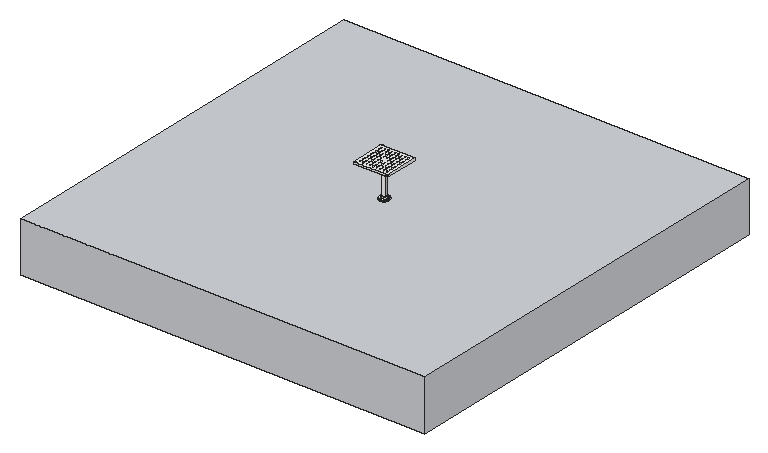
Revit family (continued)
Definition of nested family "13695_Base"
  Automatic sketch dimensions
    Masking region 4 sketch curve to plane 1 "Center (Top/Bottom)" = 0' - 0 13/32"
    Masking region 4 sketch curve to Masking region 4 sketch curve = 0' - 0.11009"
    Masking region 4 sketch curve to Masking region 4 sketch curve = 0' - 0.06743"
    Masking region 4 sketch curve to Masking region 4 sketch curve = 0' - 0.23029"
    Masking region 4 sketch curve to Masking region 4 sketch curve = 0' - 0.13962"
    Masking region 4 sketch curve to Masking region 4 sketch curve = 0' - 0.00313"
    Masking region 4 sketch curve to Masking region 4 sketch curve = 0' - 0.06728"
    Masking region 4 sketch curve to Masking region 4 sketch curve = 0' - 0.42288"
    Masking region 4 sketch curve to Masking region 4 sketch curve = 0' - 0.01012"
    Masking region 4 sketch curve to Masking region 4 sketch curve = 0' - 0.03369"
    Masking region 4 sketch curve to Masking region 4 sketch curve = 0' - 0.02992"
    Masking region 4 sketch curve to Masking region 4 sketch curve = 0' - 0.0422"
    Masking region 4 sketch curve to Masking region 4 sketch curve = 0' - 0.28874"  (x2)
    Masking region 4 sketch curve to Masking region 4 sketch curve = 0' - 0.01124"  (x2)
    plane 9 "Bottom" to Masking region 4 sketch curve = 0' - 2.8007"
    Masking region 4 sketch curve to Masking region 4 sketch curve = 0' - 0.02187"  (x2)
    Masking region 4 sketch curve to Masking region 4 sketch curve = 0' - 0.72803"  (x2)
    Masking region 4 sketch curve to Masking region 4 sketch curve = 0' - 0.47297"  (x2)
    plane 9 "Bottom" to Masking region 4 sketch curve = 0' - 0.52898"  (x2)
    plane 9 "Bottom" to Masking region 4 sketch curve = 0' - 0.08616"
    Masking region 4 sketch curve to Masking region 4 sketch curve = 0' - 0.00016"
    level to curve 192 = 0' - 0.13436"
    plane 1 "Center (Top/Bottom)" to curve 192 = 0' - 1.11908"
    level to curve 193 = 0' - 0.02805"
    curve 192 to curve 193 = 0' - 0.00227"
    curve 192 to curve 191 = 0' - 0.02387"
    plane 1 "Center (Top/Bottom)" to curve 174 = 0' - 0.7206"
    curve 174 to curve 194 = 0' - 0.03099"
    curve 191 to curve 190 = 0' - 0.44447"
    curve 190 to curve 189 = 0' - 0.03443"
    curve 189 to curve 188 = 0' - 0.00733"
    plane 1 "Center (Top/Bottom)" to curve 178 = 0' - 0.49552"
    plane 1 "Center (Top/Bottom)" to curve 179 = 0' - 0.49552"
    plane 1 "Center (Top/Bottom)" to curve 175 = 0' - 0.4459"
    curve 188 to curve 196 = 0' - 0.20206"
    curve 179 to curve 187 = 0' - 0.08925"
    curve 178 to curve 177 = 0' - 0.142"
    curve 177 to curve 176 = 0' - 0.01771"
    curve 176 to plane 1 "Center (Top/Bottom)" = 0' - 0.33586"
    curve 176 to curve 177 = 0' - 0.01771"
    curve 196 to plane 1 "Center (Top/Bottom)" = 0' - 0 13/32"
    curve 187 to plane 1 "Center (Top/Bottom)" = 0' - 0 13/32"
    curve 176 to curve 175 = 0' - 0.11009"
    curve 177 to curve 178 = 0' - 0.142"
    curve 187 to curve 179 = 0' - 0.0893"
    curve 196 to curve 188 = 0' - 0.20271"
    curve 188 to curve 189 = 0' - 0.00733"
    curve 189 to curve 190 = 0' - 0.03443"
    curve 175 to curve 194 = 0' - 0.24367"
    curve 194 to curve 174 = 0' - 0.03104"
    level to curve 191 = 0' - 0.16384"
    curve 190 to curve 191 = 0' - 0.44447"
    curve 191 to curve 193 = 0' - 0.0216"
    curve 191 to curve 192 = 0' - 0.02387"
    level to curve 190 = 0' - 0.29873"
    curve 190 to curve 189 = 0' - 0.0422"
    curve 189 to curve 188 = 0' - 0.29999"
    curve 188 to curve 196 = 0' - 0.04968"
    plane 9 "Bottom" to curve 187 = 0' - 2.8007"
    curve 187 to curve 179 = 0' - 0.02372"
    curve 179 to curve 178 = 0' - 0.72803"
    curve 178 to curve 177 = 0' - 0.21269"
    curve 177 to curve 176 = 0' - 0.11867"
    curve 176 to curve 175 = 0' - 0.12448"
    curve 175 to curve 194 = 0' - 0.47297"
    plane 9 "Bottom" to curve 174 = 0' - 0.52909"
    plane 1 "Center (Top/Bottom)" to Extrusion 7 sketch curve = 0' - 0"
    Extrusion 7 sketch curve to plane 3 "Center (Left/Right)" = 0' - 0"
    curve 84 to plane 3 "Center (Left/Right)" = 0' - 0"
    curve 82 to plane 3 "Center (Left/Right)" = 0' - 0"
    curve 81 to plane 3 "Center (Left/Right)" = 0' - 0"
    curve 79 to plane 3 "Center (Left/Right)" = 0' - 0"
    plane 1 "Center (Top/Bottom)" to curve 110 = 0' - 0"
    plane 1 "Center (Top/Bottom)" to curve 61 = 0' - 0"
    plane 1 "Center (Top/Bottom)" to curve 28 = 0' - 0"
    plane 1 "Center (Top/Bottom)" to curve 127 = 0' - 0"
    plane 1 "Center (Top/Bottom)" to curve 45 = 0' - 0"
    plane 1 "Center (Top/Bottom)" to curve 11 = 0' - 0"
    plane 1 "Center (Top/Bottom)" to curve 144 = 0' - 0"
    plane 1 "Center (Top/Bottom)" to curve 94 = 0' - 0"
    curve 77 to plane 3 "Center (Left/Right)" = 0' - 0"
    curve 74 to plane 3 "Center (Left/Right)" = 0' - 0"
    curve 73 to plane 3 "Center (Left/Right)" = 0' - 0"
    curve 71 to plane 3 "Center (Left/Right)" = 0' - 0"
    curve 78 to plane 1 "Center (Top/Bottom)" = 0' - 0.8"
    curve 96 to curve 94 = 0' - 0.8"
    curve 147 to curve 144 = 0' - 0.8"
    curve 29 to curve 27 = 0' - 0.8"
    curve 130 to curve 127 = 0' - 0.8"
    curve 29 to curve 46 = 0' - 0"
    curve 46 to curve 64 = 0' - 0"
    curve 12 to curve 29 = 0' - 0"
    curve 112 to curve 129 = 0' - 0"
    curve 115 to curve 113 = 0' - 0.8"
    curve 80 to curve 78 = 0' - 0.8"
    curve 14 to curve 12 = 0' - 0.8"
    curve 14 to curve 31 = 0' - 0"
    curve 80 to curve 98 = 0' - 0"
    curve 31 to curve 49 = 0' - 0"
    curve 65 to curve 80 = 0' - 0"
    curve 114 to curve 131 = 0' - 0"
    curve 131 to curve 148 = 0' - 0"
    curve 50 to curve 48 = 0' - 0.8"
    curve 17 to curve 14 = 0' - 0.8"
    curve 151 to curve 148 = 0' - 0.8"
    curve 16 to curve 34 = 0' - 0"
    curve 134 to curve 150 = 0' - 0"
    curve 50 to curve 67 = 0' - 0"
    curve 117 to curve 133 = 0' - 0"
    curve 67 to curve 83 = 0' - 0"
    curve 99 to curve 116 = 0' - 0"
    curve 36 to plane 6 "Front" = 0' - 0.8"
    curve 101 to plane 6 "Front" = 0' - 0.8"
    curve 19 to curve 35 = 0' - 0"
    curve 85 to plane 3 "Center (Left/Right)" = 0' - 0.05856"
    curve 85 to plane 6 "Front" = 0' - 0.8"
    curve 70 to curve 84 = 0' - 0"
    curve 101 to curve 118 = 0' - 0"
    curve 35 to curve 53 = 0' - 0"
    curve 118 to curve 135 = 0' - 0"
    curve 135 to curve 152 = 0' - 0"
    plane 1 "Center (Top/Bottom)" to curve 91 = 0' - 0.8"
    plane 1 "Center (Top/Bottom)" to curve 9 = 0' - 0.8"
    plane 1 "Center (Top/Bottom)" to curve 43 = 0' - 0.8"
    curve 8 to curve 25 = 0' - 0"
    plane 1 "Center (Top/Bottom)" to curve 125 = 0' - 0.8"
    curve 77 to plane 3 "Center (Left/Right)" = 0' - 0.05856"
    plane 1 "Center (Top/Bottom)" to curve 77 = 0' - 0.8"
    curve 125 to curve 143 = 0' - 0"
    curve 59 to curve 76 = 0' - 0"
    curve 91 to curve 109 = 0' - 0"
    curve 108 to curve 107 = 0' - 0.8"
    curve 8 to curve 7 = 0' - 0.8"
    curve 142 to curve 140 = 0' - 0.8"
    curve 59 to curve 58 = 0' - 0.8"
    curve 90 to curve 106 = 0' - 0"
    curve 6 to curve 23 = 0' - 0"
    curve 23 to curve 41 = 0' - 0"
    curve 57 to curve 74 = 0' - 0"
    curve 123 to curve 140 = 0' - 0"
    curve 123 to curve 122 = 0' - 0.8"
    curve 6 to curve 4 = 0' - 0.8"
    curve 40 to curve 38 = 0' - 0.8"
    plane 3 "Center (Left/Right)" to curve 73 = 0' - 0.05856"
    curve 74 to curve 73 = 0' - 0.8"
    curve 55 to curve 72 = 0' - 0"
    curve 105 to curve 121 = 0' - 0"
    curve 121 to curve 138 = 0' - 0"
    curve 87 to curve 104 = 0' - 0"
    curve 4 to curve 21 = 0' - 0"
    curve 72 to curve 71 = 0' - 0.8"
    plane 7 "Back" to curve 20 = 0' - 0.8"
    plane 7 "Back" to curve 86 = 0' - 0.8"
    curve 3 to curve 198 = 0' - 0"
    curve 86 to curve 103 = 0' - 0"
    plane 7 "Back" to curve 137 = 0' - 0.8"
    curve 54 to curve 71 = 0' - 0"
    curve 37 to curve 200 = 0' - 0"
    curve 120 to curve 205 = 0' - 0"
    curve 81 to curve 80 = 0' - 0.05856"
    curve 75 to curve 74 = 0' - 0.05856"
    curve 82 to curve 82 = 0' - 0.05856"
    curve 200 to curve 71 = 0' - 0.74144"
    curve 68 to curve 82 = 0' - 0.68289"
    curve 62 to plane 3 "Center (Left/Right)" = 0' - 0.74144"
    curve 58 to curve 74 = 0' - 0.68289"
    curve 63 to curve 78 = 0' - 0.74144"
    curve 55 to curve 73 = 0' - 0.68289"
    curve 65 to curve 81 = 0' - 0.68289"
    curve 70 to curve 85 = 0' - 0.68289"
    curve 60 to curve 76 = 0' - 0.68289"
    curve 200 to curve 200 = 0' - 0.05856"
    curve 60 to curve 59 = 0' - 0.05856"
    curve 68 to curve 67 = 0' - 0.05856"
    curve 69 to curve 69 = 0' - 0.05856"
    curve 61 to curve 61 = 0' - 0.05856"
    curve 66 to curve 65 = 0' - 0.05856"
    curve 57 to curve 57 = 0' - 0.05856"
    curve 56 to curve 55 = 0' - 0.05856"
    curve 64 to curve 63 = 0' - 0.05856"
    curve 41 to curve 57 = 0' - 0.68289"
    curve 39 to curve 55 = 0' - 0.68289"
    curve 44 to curve 61 = 0' - 0.68289"
    curve 46 to curve 63 = 0' - 0.68289"
    curve 37 to curve 200 = 0' - 0.68289"
    curve 53 to curve 69 = 0' - 0.68289"
    curve 43 to curve 59 = 0' - 0.68289"
    curve 48 to curve 65 = 0' - 0.68289"
    curve 51 to curve 67 = 0' - 0.68289"
    curve 51 to curve 50 = 0' - 0.05856"
    curve 42 to curve 42 = 0' - 0.05856"
    curve 40 to curve 40 = 0' - 0.05856"
    curve 52 to curve 52 = 0' - 0.05856"
    curve 49 to curve 48 = 0' - 0.05856"
    curve 37 to curve 199 = 0' - 0.05856"
    curve 47 to curve 46 = 0' - 0.05856"
    curve 38 to curve 38 = 0' - 0.05856"
    curve 44 to curve 44 = 0' - 0.05856"
    curve 21 to curve 38 = 0' - 0.68289"
    curve 32 to curve 48 = 0' - 0.68289"
    curve 26 to curve 42 = 0' - 0.68289"
    curve 20 to curve 199 = 0' - 0.68289"
    curve 27 to curve 44 = 0' - 0.68289"
    curve 36 to curve 52 = 0' - 0.68289"
    curve 29 to curve 46 = 0' - 0.68289"
    curve 34 to curve 50 = 0' - 0.68289"
    curve 24 to curve 40 = 0' - 0.68289"
    curve 198 to curve 198 = 0' - 0.05856"
    curve 24 to curve 23 = 0' - 0.05856"
    curve 32 to curve 31 = 0' - 0.05856"
    curve 33 to curve 33 = 0' - 0.05856"
    curve 25 to curve 25 = 0' - 0.05856"
    curve 30 to curve 29 = 0' - 0.05856"
    curve 35 to curve 35 = 0' - 0.05856"
    curve 22 to curve 21 = 0' - 0.05856"
    curve 28 to curve 27 = 0' - 0.05856"
    curve 14 to curve 31 = 0' - 0.68286"
    curve 197 to curve 198 = 0' - 0.68286"
    curve 4 to curve 21 = 0' - 0.68286"
    curve 19 to curve 35 = 0' - 0.68286"
    curve 6 to curve 23 = 0' - 0.68286"
    curve 8 to curve 25 = 0' - 0.68286"
    curve 17 to curve 33 = 0' - 0.68286"
    curve 10 to curve 27 = 0' - 0.68286"
    curve 12 to curve 29 = 0' - 0.68286"
    curve 197 to curve 3 = 0' - 0.05856"
    curve 14 to curve 14 = 0' - 0.05856"
    curve 4 to curve 4 = 0' - 0.05856"
    curve 13 to curve 12 = 0' - 0.05856"
    curve 19 to curve 18 = 0' - 0.05856"
    curve 6 to curve 6 = 0' - 0.05856"
    curve 16 to curve 16 = 0' - 0.05856"
    curve 11 to curve 10 = 0' - 0.05856"
    curve 8 to curve 8 = 0' - 0.05856"
    curve 78 to curve 78 = 0' - 0.05856"
    curve 201 to curve 71 = 0' - 0.05856"
    curve 71 to curve 202 = 0' - 0.68289"
    curve 76 to curve 91 = 0' - 0.68289"
    curve 74 to curve 90 = 0' - 0.68289"
    curve 84 to curve 101 = 0' - 0.68289"
    curve 82 to curve 100 = 0' - 0.68289"
    plane 3 "Center (Left/Right)" to curve 93 = 0' - 0.74144"
    curve 80 to curve 98 = 0' - 0.68289"
    curve 72 to curve 87 = 0' - 0.68289"
    curve 78 to curve 95 = 0' - 0.68289"
    curve 87 to curve 88 = 0' - 0.05856"
    curve 95 to curve 96 = 0' - 0.05856"
    curve 97 to curve 98 = 0' - 0.05856"
    curve 86 to curve 202 = 0' - 0.05856"
    curve 89 to curve 90 = 0' - 0.05856"
    curve 99 to curve 99 = 0' - 0.05856"
    curve 93 to curve 94 = 0' - 0.05856"
    curve 101 to curve 101 = 0' - 0.05856"
    curve 91 to curve 92 = 0' - 0.05856"
    curve 91 to curve 108 = 0' - 0.68289"
    curve 101 to curve 118 = 0' - 0.68289"
    curve 89 to curve 107 = 0' - 0.68289"
    curve 93 to curve 110 = 0' - 0.68289"
    curve 86 to curve 203 = 0' - 0.68289"
    curve 87 to curve 105 = 0' - 0.68289"
    curve 99 to curve 116 = 0' - 0.68289"
    curve 95 to curve 112 = 0' - 0.68289"
    curve 97 to curve 115 = 0' - 0.68289"
    curve 114 to curve 115 = 0' - 0.05856"
    curve 112 to curve 113 = 0' - 0.05856"
    curve 116 to curve 116 = 0' - 0.05856"
    curve 110 to curve 111 = 0' - 0.05856"
    curve 108 to curve 109 = 0' - 0.05856"
    curve 118 to curve 118 = 0' - 0.05856"
    curve 106 to curve 107 = 0' - 0.05856"
    curve 104 to curve 105 = 0' - 0.05856"
    curve 103 to curve 103 = 0' - 0.05856"
    curve 103 to curve 120 = 0' - 0.68289"
    curve 110 to curve 127 = 0' - 0.68289"
    curve 118 to curve 136 = 0' - 0.68289"
    curve 108 to curve 125 = 0' - 0.68289"
    curve 104 to curve 121 = 0' - 0.68289"
    curve 112 to curve 129 = 0' - 0.68289"
    curve 116 to curve 134 = 0' - 0.68289"
    curve 106 to curve 124 = 0' - 0.68289"
    curve 114 to curve 131 = 0' - 0.68289"
    curve 133 to curve 133 = 0' - 0.05856"
    curve 123 to curve 124 = 0' - 0.05856"
    curve 131 to curve 131 = 0' - 0.05856"
    curve 129 to curve 130 = 0' - 0.05856"
    curve 135 to curve 135 = 0' - 0.05856"
    curve 125 to curve 125 = 0' - 0.05856"
    curve 121 to curve 122 = 0' - 0.05856"
    curve 127 to curve 128 = 0' - 0.05856"
    curve 120 to curve 120 = 0' - 0.05856"
    curve 120 to curve 205 = 0' - 0.68289"
    curve 123 to curve 141 = 0' - 0.68289"
    curve 127 to curve 145 = 0' - 0.68289"
    curve 125 to curve 143 = 0' - 0.68289"
    curve 129 to curve 146 = 0' - 0.68289"
    curve 135 to curve 153 = 0' - 0.68289"
    curve 131 to curve 148 = 0' - 0.68289"
    curve 133 to curve 151 = 0' - 0.68289"
    curve 121 to curve 138 = 0' - 0.68289"
    curve 150 to curve 151 = 0' - 0.05856"
    curve 148 to curve 149 = 0' - 0.05856"
    curve 152 to curve 152 = 0' - 0.05856"
    curve 138 to curve 138 = 0' - 0.05856"
    curve 140 to curve 140 = 0' - 0.05856"
    curve 146 to curve 147 = 0' - 0.05856"
    curve 144 to curve 145 = 0' - 0.05856"
    curve 137 to curve 137 = 0' - 0.05856"
    curve 142 to curve 143 = 0' - 0.05856"
    Masking region 1 sketch curve to plane 5 "Right" = 0' - 0"
    Masking region 1 sketch curve to plane 4 "Left" = 0' - 0"
    Masking region 1 sketch curve to plane 6 "Front" = 0' - 0"
    Masking region 1 sketch curve to plane 7 "Back" = 0' - 0"
    plane 1 "Center (Top/Bottom)" to curve 2 = 0' - 0"
    curve 2 to plane 3 "Center (Left/Right)" = 0' - 0"
    curve 1 to curve 1 = 0' - 0.4459"
    curve 1 to curve 207 = 0' - 0"  (x2)
    curve 206 to curve 1 = 0' - 0.67334"
    radius of Extrusion 4 sketch curve = 0' - 0.05856"  (x80)
    radius of Extrusion 7 sketch curve = 0' - 0 1/2"
Types (7): name | Finish
  (no name) | Metal-Kohler-CP-Polished Chrome
  Metal-CP-Polished_Chrome | Metal-Kohler-CP-Polished Chrome
  Metal-BGD-Vibrant_Moderne_Brushed_Gold | Metal-Kohler-BGD-Vibrant Moderne Brushed Gold
  Metal-BN-Vibrant_Brushed_Nickel | Metal-Kohler-BN-Vibrant Brushed Nickel
  Metal-BV-Vibrant_Brushed_Bronze | Metal-Kohler-BV-Vibrant Brushed Bronze
  Metal-PGD-Vibrant_Moderne_Polished_Gold | Metal-Kohler-PGD-Vibrant Moderne Polished Gold
  Metal-SN-Vibrant_Polished_Nickel | Metal-Kohler-SN-Vibrant Polished Nickel
